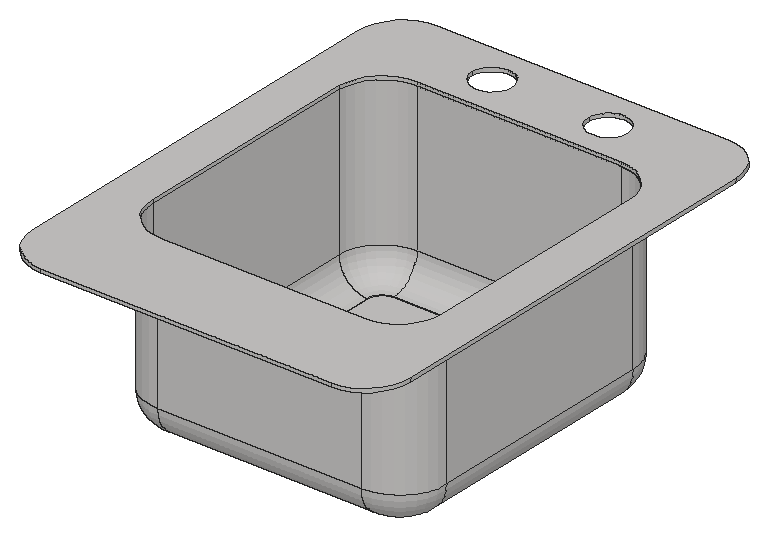
Revit family "QF_Vollrath_173-4-2", category Specialty Equipment, Revit 2016
Family settings
  Part Type = Normal
  Round Connector Dimension = Use Diameter
  OmniClass Number = 23.40.40.14.31
  OmniClass Title = Cleaning and Disposal Equipment
  Work Plane-Based = Yes
  Always vertical = Yes
  Cut with Voids When Loaded = No
  Shared = No
  Room Calculation Point = No
Parameters
  Width = 1' - 1"
  Weight in Pounds = 0
  Watermarked By = "http://revitwatermark.com"
  URL Cutsheet = ""
  Status [instance] = ""
  Specification by User [instance] = ""
  Specification by Manufacturer [instance] = ""
  Sink Width = 0' - 10"
  Sink Depth = 0' - 11"
  Sink Basin Depth = 0' - 6 3/16"
  Serial Number [instance] = ""
  Seismic Rating [instance] = ""
  SMACNA No [instance] = ""
  Revision Code [instance] = ""
  NAFEM Spec ID Number [instance] = ""
  Model = "173-4-2"
  Masterspec [instance] = ""
  Manufacturer = "Vollrath"
  Item Number [instance] = "-"
  Installed By [instance] = ""
  Indirect Waste Size = 2"
  Indirect Waste Flow [instance] = 0.00 GPM
  Indirect Waste Connection Type [instance] = ""
  Indirect Waste Connection Height [instance] = 0' - 0"
  Furnished By [instance] = ""
  Foodservice Equipment Identifier [instance] = yes
  Description = "Bar Sink"  # constant formula
  Depth = 1' - 5"
  Default Elevation = 4' - 0"
  CSI MasterFormat = ""
Reference planes (in)
  plane 1 "BACK": y = 0
  plane 2 "BOTTOM": z = 0
  plane 3 "LEFT": x = 0
  plane 4 "RIGHT": x = 13
  plane 5 "FRONT": y = -17
  plane 6: x = 6.5
  plane 7 "CENTER 1": y = -8.21875
  plane 8: y = -2
  plane 9: y = -2.71875
  plane 10: y = -13.71875
  plane 11: x = 1.5
  plane 12: x = 11.5
  plane 13 "Sink Bottom": z = -6.1875
  plane 14 "CENTER 2": x = 4.5
  plane 15 "CENTER 3": x = 8.5
Forms (in)
  Sweep 1, solid, material "QF_Finishes_Stainless Steel"
    path origin (0, 0, 0) x (1, 0, 0) y (0, 1, 0)
      loop
        arc (3, -2.71875) -> (1.93934, -3.15809) -> (1.5, -4.21875) r 1.5
        line (1.5, -4.21875) -> (1.5, -12.21875)
        arc (1.5, -12.21875) -> (1.93934, -13.27941) -> (3, -13.71875) r 1.5
        line (3, -13.71875) -> (10, -13.71875)
        arc (10, -13.71875) -> (11.06066, -13.27941) -> (11.5, -12.21875) r 1.5
        line (11.5, -12.21875) -> (11.5, -4.21875)
        arc (11.5, -4.21875) -> (11.06066, -3.15809) -> (10, -2.71875) r 1.5
        line (10, -2.71875) -> (3, -2.71875)
    profile origin (6.5, -2.71875, 0) x (0, 1, 0) y (0, 0, 1)
      loop
        line (0, 0) -> (0, -5.0625)
        arc (0, -5.0625) -> (-0.29289, -5.76961) -> (-1, -6.0625) r 1
        line (-1, -6.0625) -> (-1, -6.1875)
        arc (-1, -6.1875) -> (-0.2045, -5.858) -> (0.125, -5.0625) r 1.125
        line (0.125, -5.0625) -> (0.125, 0) -> (0, 0)
  Extrusion 2, solid, material "QF_Finishes_Stainless Steel"
    sketch origin (0, 0, -6.1875) x (-1, 0, 0) y (0, -1, 0)
      loop
        line (-10, 3.71875) -> (-3, 3.71875)
        arc (-3, 3.71875) -> (-2.64645, 3.8652) -> (-2.5, 4.21875) r 0.5
        line (-2.5, 4.21875) -> (-2.5, 12.21875)
        arc (-2.5, 12.21875) -> (-2.64645, 12.5723) -> (-3, 12.71875) r 0.5
        line (-3, 12.71875) -> (-10, 12.71875)
        arc (-10, 12.71875) -> (-10.35355, 12.5723) -> (-10.5, 12.21875) r 0.5
        line (-10.5, 12.21875) -> (-10.5, 4.21875)
        arc (-10.5, 4.21875) -> (-10.35355, 3.8652) -> (-10, 3.71875) r 0.5
      loop
        circle (-6.5, 8.21875) r 1.75
    from 0 to 0.125
  Extrusion 3, solid, material "QF_Finishes_Stainless Steel"
    sketch origin (0, 0, 0) x (1, 0, 0) y (0, 1, 0)
      loop
        arc (1.5, -12.21875) -> (1.93934, -13.27941) -> (3, -13.71875) r 1.5
        line (3, -13.71875) -> (10, -13.71875)
        arc (10, -13.71875) -> (11.06066, -13.27941) -> (11.5, -12.21875) r 1.5
        line (11.5, -12.21875) -> (11.5, -4.21875)
        arc (11.5, -4.21875) -> (11.06066, -3.15809) -> (10, -2.71875) r 1.5
        line (10, -2.71875) -> (3, -2.71875)
        arc (3, -2.71875) -> (1.93934, -3.15809) -> (1.5, -4.21875) r 1.5
        line (1.5, -4.21875) -> (1.5, -12.21875)
      loop
        circle (8.5, -1.37133) r 0.6875
      loop
        circle (4.5, -1.37133) r 0.6875
      loop
        line (1.5, -17) -> (11.5, -17)
        arc (11.5, -17) -> (12.56066, -16.56066) -> (13, -15.5) r 1.5
        line (13, -15.5) -> (13, -1.5)
        arc (13, -1.5) -> (12.56066, -0.43934) -> (11.5, 0) r 1.5
        line (11.5, 0) -> (1.5, 0)
        arc (1.5, 0) -> (0.43934, -0.43934) -> (0, -1.5) r 1.5
        line (0, -1.5) -> (0, -15.5)
        arc (0, -15.5) -> (0.43934, -16.56066) -> (1.5, -17) r 1.5
    from 0 to 0.125
Lines and regions (in)
  symbolic lines
    curve 1: line (11.5, 0, 0) -> (1.5, 0, 0)
    curve 2: arc (1.5, 0, 0) -> (0.43934, -0.43934, 0) -> (0, -1.5, 0) r 1.5
    curve 3: line (0, -1.5, 0) -> (0, -15.5, 0)
    curve 4: arc (0, -15.5, 0) -> (0.43934, -16.56066, 0) -> (1.5, -17, 0) r 1.5
    curve 5: line (1.5, -17, 0) -> (11.5, -17, 0)
    curve 6: arc (11.5, -17, 0) -> (12.56066, -16.56066, 0) -> (13, -15.5, 0) r 1.5
    curve 7: line (13, -15.5, 0) -> (13, -1.5, 0)
    curve 8: arc (13, -1.5, 0) -> (12.56066, -0.43934, 0) -> (11.5, 0, 0) r 1.5
  symbolic lines, style "QF_Surface Details"
    curve 9: line (3, -2.71875, 0) -> (10, -2.71875, 0)
    curve 10: arc (1.5, -4.21875, 0) -> (1.93934, -3.15809, 0) -> (3, -2.71875, 0) r 1.5
    curve 11: line (1.5, -12.21875, 0) -> (1.5, -4.21875, 0)
    curve 12: arc (3, -13.71875, 0) -> (1.93934, -13.27941, 0) -> (1.5, -12.21875, 0) r 1.5
    curve 13: line (10, -13.71875, 0) -> (3, -13.71875, 0)
    curve 14: arc (11.5, -12.21875, 0) -> (11.06066, -13.27941, 0) -> (10, -13.71875, 0) r 1.5
    curve 15: line (11.5, -4.21875, 0) -> (11.5, -12.21875, 0)
    curve 16: arc (10, -2.71875, 0) -> (11.06066, -3.15809, 0) -> (11.5, -4.21875, 0) r 1.5
    curve 17: arc (5.1875, -1.37133, 0) -> (4.5, -2.05883, 0) -> (3.8125, -1.37133, 0) r 0.6875
    curve 18: arc (3.8125, -1.37133, 0) -> (4.5, -0.68383, 0) -> (5.1875, -1.37133, 0) r 0.6875
    curve 19: arc (9.1875, -1.37133, 0) -> (8.5, -2.05883, 0) -> (7.8125, -1.37133, 0) r 0.6875
    curve 20: arc (7.8125, -1.37133, 0) -> (8.5, -0.68383, 0) -> (9.1875, -1.37133, 0) r 0.6875
    curve 21: circle (6.5, -8.21875, 0) r 1.75 normal (0, 0, 1)
Dimensions and locks (in)
  "Width": plane 3 "LEFT" to plane 4 "RIGHT"
  "Depth": plane 5 "FRONT" to plane 1 "BACK"
  locked: plane 8 to plane 1 "BACK" at 2
  equal spacing: plane 9, plane 7 "CENTER 1", plane 10
  "Sink Depth": plane 9 to plane 10
  equal spacing: plane 3 "LEFT", plane 6, plane 4 "RIGHT"
  equal spacing: plane 11, plane 6, plane 12
  "Sink Width": plane 11 to plane 12
  "Sink Basin Depth": level to plane 13 "Sink Bottom"
  level to Sweep 1 sketch curve = 0' - 0"
  locked: Sweep 1 sketch curve to plane 9 at 0.125
  locked: plane 13 "Sink Bottom" to Sweep 1 sketch curve at 0.125
  plane 11 to plane 12 = 0' - 10"
  plane 9 to plane 10 = 0' - 11"
  locked: plane 8 to plane 9 at 0.71875
  Extrusion 3 sketch curve to Extrusion 3 sketch curve = 0' - 4"
  aligned and locked: level to plane 2 "BOTTOM"
  aligned and locked: Sweep 1 sketch curve to plane 9
  aligned and locked: plane 11 to Sweep 1 sketch curve
  aligned and locked: plane 10 to Sweep 1 sketch curve
  aligned and locked: Sweep 1 sketch curve to plane 12
  aligned and locked: plane 9 to Sweep 1 sketch curve
  aligned and locked: plane 13 "Sink Bottom" to Sweep 1 sketch curve
  aligned and locked: Extrusion 2 sketch curve to Sweep 1  (x4)
  aligned and locked: Extrusion 3 sketch curve to Sweep 1  (x4)
  aligned and locked: Extrusion 3 sketch curve to plane 3 "LEFT"
  aligned and locked: plane 5 "FRONT" to Extrusion 3 sketch curve
  aligned and locked: plane 4 "RIGHT" to Extrusion 3 sketch curve
  aligned and locked: Extrusion 3 sketch curve to plane 1 "BACK"
Automatic sketch dimensions
  plane 11 to Sweep 1 sketch curve = 0' - 1 1/2"  (x2)
  Sweep 1 sketch curve to plane 12 = 0' - 1 1/2"
  Sweep 1 sketch curve to plane 9 = 0' - 1 1/2"
  Sweep 1 sketch curve to Sweep 1 sketch curve = 0' - 1"
  Extrusion 2 sketch curve to plane 7 "CENTER 1" = 0' - 0"
  Extrusion 2 sketch curve to Extrusion 2 sketch curve = 0' - 0 1/2"  (x4)
  Extrusion 3 sketch curve to plane 11 = 0' - 0"  (x2)
  Extrusion 3 sketch curve to plane 14 "CENTER 2" = 0' - 0"
  Extrusion 3 sketch curve to plane 12 = 0' - 0"  (x2)
  plane 11 to Extrusion 3 sketch curve = 0' - 1 1/2"  (x2)
  Extrusion 3 sketch curve to plane 12 = 0' - 1 1/2"  (x2)
  plane 8 to Extrusion 3 sketch curve = 0' - 0.62867"  (x2)
  Extrusion 2 sketch curve to plane 15 "CENTER 3" = 0' - 2"
  curve 3 to plane 3 "LEFT" = 0' - 0"
  plane 5 "FRONT" to curve 4 = 0' - 0"
  curve 4 to plane 11 = 0' - 0"
  curve 2 to plane 11 = 0' - 0"
  curve 12 to plane 11 = 0' - 0"
  curve 12 to plane 10 = 0' - 0"
  curve 9 to plane 9 = 0' - 0"
  curve 17 to plane 14 "CENTER 2" = 0' - 0"
  curve 21 to plane 6 = 0' - 0"
  curve 19 to plane 15 "CENTER 3" = 0' - 0"
  curve 14 to plane 12 = 0' - 0"
  curve 8 to plane 12 = 0' - 0"
  curve 5 to plane 12 = 0' - 0"
  curve 8 to plane 4 "RIGHT" = 0' - 0"
  curve 21 to plane 7 "CENTER 1" = 0' - 0"
  plane 1 "BACK" to curve 8 = 0' - 0"
  curve 12 to curve 12 = 0' - 1 1/2"
  plane 11 to curve 9 = 0' - 1 1/2"
  curve 17 to plane 14 "CENTER 2" = 0' - 0 11/16"
  curve 19 to plane 15 "CENTER 3" = 0' - 0 11/16"
  curve 16 to plane 9 = 0' - 1 1/2"
  curve 14 to curve 15 = 0' - 1 1/2"
  plane 8 to curve 20 = 0' - 0.62867"
  plane 8 to curve 17 = 0' - 0.62867"
  radius of Extrusion 2 sketch curve = 0' - 1 3/4"
  radius of Extrusion 3 sketch curve = 0' - 0 11/16"  (x2)
  radius of curve 21 = 0' - 1 3/4"
Connectors (in)
  piping at (6.5, -8.21875, -6.1875), diameter 2, driven by "Indirect Waste Flow"
    settings: on Extrusion 2, index 1, connector inside diameter 2", connector length 0' - 0", flow factor 0, pipe flow 0.00 GPM, pressure drop 0.00 psi, fitting loss kfactor 0, connector angle 0.00°, fixture units 0, engagement length 0' - 0", angle of deflection 0.00°, flow configuration 1, flow direction 2, fitting loss method 0, system type 16, joint type 0, gender type 0, connector reference index -1, connector utility 0, adjustable connector no, is connector primary yes, connector description "IW"
